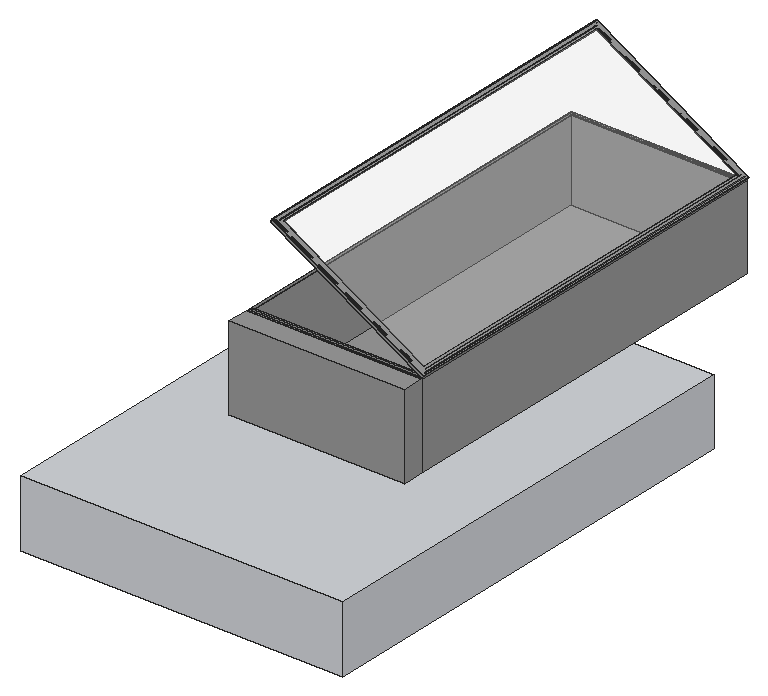
Revit family "Hager-Univers-IP55-D400-H1950-Cl.I-Steel_encl-NoHosted-AT-de", category Equipement électrique, Revit 2020
Family settings
  Hôte = Face
  Configuration du panneau = Deux colonnes, circuits au sein
  Cote de connecteur circulaire = Utiliser le diamètre
  Type d'élément = Tableau de raccordement
  Couper avec des vides une fois chargée = Non
  Partagée = Non
  Point de calcul de pièce = Non
Parameters (values of type "Bodenaufstellung IP55 B800 H1950 T400  - FR23V1")
  Width Control [instance] = if([EF000008 - Breite] > Min Width, [EF000008 - Breite], Min Width)  # 800 mm
  Commentaires du type = [HG000003 - Bereich]  # "Univers"
  Thickness Door [instance] = if([EF009171 - Materialstärke Tür/Deckel] > 3 mm, 3 mm, [EF009171 - Materialstärke Tür/Deckel])  # 1.5 mm
  Seal Frame Offset [instance] = 17 mm  # constant formula
  Plinth Visibility [instance] = [HG000027 - Sockelhöhe] > 0 mm  # yes
  Model = ""
  Min Width [instance] = 100 mm  # constant formula
  Min Height [instance] = 100 mm  # constant formula
  Min Depth [instance] = (2 * [EF009170 - Materialstärke Gehäuse]) + 1 mm  # 4 mm
  Internal Frame Depth [instance] = (Door System Depth * 0.5)  # 9 mm
  Height Control [instance] = if([EF000040 - Höhe] > Min Height, [EF000040 - Höhe], Min Height)  # 1950 mm
  HG000027 - Sockelhöhe = 100 mm
  HG000026 - Stehend auf dem Boden = yes
  HG000024 - Höhe des unteren Teils = 800 mm
  HG000023 - Gehäuse mit doppeltem Querschnitt = no
  HG000016 - 3D-Türsichtbarkeit [instance] = yes
  HG000015 - Sichtbarkeit der Türöffnung [instance] = no
  HG000014 - Tür rechts [instance] = yes
  HG000013 - Tür links [instance] = not([HG000014 - Tür rechts])  # no
  HG000012 - Türschwenkwinkel [instance] = 30.00°
  HG000010 - Asymmetrische Türen = no
  HG000009 - Doppelflügeligen Tür = no
  HG000006 - Unterputz = no
  HG000004 - Herstellerreferenz = "FR23V1"
  HG000003 - Bereich = "Univers"
  HG000002 - Mit tür = yes
  Frame Offset Bottom [instance] = 10 mm  # constant formula
  Frame Offset [instance] = 15 mm  # constant formula
  EF015940 - Deckel mit Überdruckentlastung = no
  EF011959 - Schutzart (NEMA) = ""
  EF009554 - Anzahl der Öffnungen für Flanschplatten = 6
  Fabricant = "Hager"  # constant formula
  EF009212 - Ausführung Deckel = "EV000116 - geschlossen"
  EF009171 - Materialstärke Tür/Deckel = 1.5 mm
  EF009170 - Materialstärke Gehäuse = 1.5 mm
  EF008873 - Nennstrom (In) = 800 A
  EF007800 - Geeignet für Blitzschutz = no
  EF006306 - Mit Schloss = no
  EF006244 - Transparenter Deckel/Tür = yes
  EF005474 - Schutzart (IP) = "EV006420 - IP55"
  EF004464 - Art der Tür = "EV002646 - Einzel"
  EF004427 - Anzahl der Module = 432
  EF004293 - Schlagfestigkeit = "EV008784 - IK10"
  EF003532 - Geeignet für Außengebrauch = no
  EF002950 - Breite in Teilungseinheiten = 24
  EF001613 - Funktionserhalt = "EV000494 - ohne"
  EF001596 - Werkstoff des Gehäuses = "EV000179 - Stahl"
  EF001131 - Innentiefe = 400 mm
  EF001088 - Anbaumöglichkeit = yes
  EF000437 - Anzahl der Leitungseinführungen = 6
  EF000339 - Art der Abdeckung = "EV004216 - Tür"
  EF000266 - Anzahl der Reihen = 12
  EF000218 - Einbautiefe = 0 mm
  EF000118 - Mit Montageplatte = no
  EF000116 - RAL-Nummer = "7035"
  EF000049 - Tiefe = 400 mm
  EF000040 - Höhe = 1950 mm
  EF000008 - Breite = 800 mm
  EF000007 - Farbe = "EV000270 - grau"
  EF000003 - Montageart = "EV012274 - Bodenaufstellung"
  Door System Leaf Tolerance [instance] = 1.5 mm  # constant formula
  Door System Depth [instance] = 18 mm  # constant formula
  Door Height [instance] = Height Control - [HG000027 - Sockelhöhe]  # 1850 mm
  Depth Control [instance] = if([EF000049 - Tiefe] > Min Depth, [EF000049 - Tiefe], Min Depth)  # 400 mm
  Default Elevation = 0 mm
  Connector Offset [instance] = Height Control / 2  # 975 mm
  Bottom Top Plate Trim [instance] = 1.5 mm  # constant formula
  Plinth height Ctrl [instance] = if([HG000027 - Sockelhöhe] > 0 mm, [HG000027 - Sockelhöhe], 12 mm)  # 100 mm
Types (11, lengths in mm): name | Width Control | HG000010 - Asymmetrische Türen | HG000009 - Doppelflügeligen Tür | HG000004 - Herstellerreferenz | EF009554 - Anzahl der Öffnungen für Flanschplatten | EF006244 - Transparenter Deckel/Tür | EF004464 - Art der Tür | EF004427 - Anzahl der Module | EF000437 - Anzahl der Leitungseinführungen | EF000008 - Breite
  Bodenaufstellung IP55 B1050 H1950 T400  - FR24G1 | 1050 | yes | yes | "FR24G1" | 8 | no | "EV003602 - Doppel" | 576 | 8 | 1050
  Bodenaufstellung IP55 B1050 H1950 T400  - FR24V1 | 1050 | yes | yes | "FR24V1" | 8 | yes | "EV003602 - Doppel" | 576 | 8 | 1050
  Bodenaufstellung IP55 B1300 H1950 T400  - FR25G1 | 1300 | yes | yes | "FR25G1" | 10 | no | "EV003602 - Doppel" | 720 | 10 | 1300
  Bodenaufstellung IP55 B1300 H1950 T400  - FR25V1 | 1300 | yes | yes | "FR25V1" | 10 | yes | "EV003602 - Doppel" | 720 | 10 | 1300
  Bodenaufstellung IP55 B1550 H1950 T400  - FR26G1 | 1550 | yes | yes | "FR26G1" | 12 | no | "EV003602 - Doppel" | 864 | 12 | 1550
  Bodenaufstellung IP55 B1550 H1950 T400  - FR26V1 | 1550 | yes | yes | "FR26V1" | 12 | yes | "EV003602 - Doppel" | 864 | 12 | 1550
  Bodenaufstellung IP55 B300 H1950 T400  - FR21G1 | 300 | no | no | "FR21G1" | 2 | no | "EV002646 - Einzel" | 144 | 2 | 300
  Bodenaufstellung IP55 B550 H1950 T400  - FR22G1 | 550 | no | no | "FR22G1" | 4 | no | "EV002646 - Einzel" | 288 | 4 | 550
  Bodenaufstellung IP55 B550 H1950 T400  - FR22V1 | 550 | no | no | "FR22V1" | 4 | yes | "EV002646 - Einzel" | 288 | 4 | 550
  Bodenaufstellung IP55 B800 H1950 T400  - FR23G1 | 800 | no | no | "FR23G1" | 6 | no | "EV002646 - Einzel" | 432 | 6 | 800
  Bodenaufstellung IP55 B800 H1950 T400  - FR23V1 | 800 | no | no | "FR23V1" | 6 | yes | "EV002646 - Einzel" | 432 | 6 | 800
Reference planes
  plane 1 "Center (Front/Back)": y = 0
  plane 2: z = 0
  plane 3 "Center (Left/Right)": x = 0
  plane 4: z = 400
  plane 5: y = 101.5
  plane 6: y = 1025
  plane 7: y = 100
  plane 8: y = 1950
  plane 9: z = 0
  plane 10: x = -385
  plane 11: x = 385
  plane 12: x = 383.5
  plane 13: x = -383.5
  plane 14: y = 1948.5
  plane 15: x = -383
  plane 16: x = -400
  plane 17: x = 383
  plane 18: x = 400
  plane 19: x = 398.5
  plane 20: x = -398.5
  plane 21: y = 111.5
  plane 22: y = 1950
  plane 23: y = 1933.5
  plane 24: z = 382
  plane 25: z = 1.5
  plane 26: z = 380.5
  plane 27: z = 398.5
Forms (mm)
  Extrusion 1, solid
    sketch origin (0, 0, 0) x (1, 0, 0) y (0, 1, 0)
      loop
        line (-702.964, 1305) -> (-702.964, -811.445) -> (766.763, -811.445) -> (766.763, 1305) -> (-702.964, 1305)
    from 0 to -304.8
  Extrusion 2, solid, material "Hager_Steel_RAL7035_Light_Grey", visible <- "Plinth Visibility", detail levels medium+fine
    sketch origin (0, 0, 0) x (1, 0, 0) y (0, 1, 0)
      loop
        line (-400, 0) -> (400, 0) -> (400, 100) -> (-400, 100) -> (-400, 0)
    from 0 to 382
  Extrusion 3, solid, material "Hager_Steel_RAL7035_Light_Grey", detail levels medium+fine
    sketch origin (0, 0, 0) x (1, 0, 0) y (0, 1, 0)
      loop
        line (-400, 100) -> (400, 100) -> (400, 1950) -> (-400, 1950) -> (-400, 100)
    from 0 to 382
  Extrusion 4, void
    sketch origin (0, 0, 0) x (1, 0, 0) y (0, 1, 0)
      loop
        line (-398.5, 101.5) -> (398.5, 101.5) -> (398.5, 1948.5) -> (-398.5, 1948.5) -> (-398.5, 101.5)
    from 1.5 to 380.5
  Extrusion 5, void
    sketch origin (-381.607, -4572, 382) x (0, -1, 0) y (-1, 0, 0)
      loop
        line (-4683.5, 1.893) -> (-6505.5, 1.893) -> (-6505.5, -765.107) -> (-4683.5, -765.107) -> (-4683.5, 1.893)
    from 0 to 1.5 <- "EF009170 - Materialstärke Gehäuse"
  Extrusion 6, solid, material "Hager_Steel_RAL7035_Light_Grey", detail levels fine
    sketch origin (0, 0, 382) x (1, 0, 0) y (0, 1, 0)
      loop
        line (-383.5, 1933.5) -> (-383.5, 111.5) -> (383.5, 111.5) -> (383.5, 1933.5) -> (-383.5, 1933.5)
      loop
        line (-385, 110) -> (385, 110) -> (385, 1935) -> (-385, 1935) -> (-385, 110)
    from 0 to 9 <- "Internal Frame Depth"
  Extrusion 7, solid, material "Hager_Steel_RAL7035_Light_Grey", detail levels coarse
    sketch origin (0, 0, 0) x (1, 0, 0) y (0, 1, 0)
      loop
        line (-400, 0) -> (400, 0) -> (400, 1950) -> (-400, 1950) -> (-400, 0)
    from 0 to 400
  Sweep 8, void
    path in 3D
      loop
        line (-400, 100, 0) -> (400, 100, 0) -> (400, 100, 382) -> (-400, 100, 382) -> (-400, 100, 0)
    profile origin (-400, 100, 191) x (-1, 0, 0) y (0, -1, 0)
      loop
        line (0, 0) -> (0, 1.5) -> (-1.5, 1.5)
        arc (-1.5, 1.5) -> (-1.061, 0.439) -> (0, 0) r 1.5
Cuts and joins
  Extrusion 4, Extrusion 5 cuts Extrusion 3
  Sweep 8 cuts Extrusion 2
Lines and regions (mm)
  Masking region 1
    outline origin (0, 0, 0) x (1, 0, 0) y (0, 0, 1)
      loop
        line (-400, 400) -> (-400, 0) -> (400, 0) -> (400, 400) -> (-400, 400)
  Masking region 2, detail levels medium+fine
    outline origin (0, 140, 0) x (0, 1, 0) y (0, 0, 1)
      loop
        line (-40, 0) -> (1810, 0) -> (1810, 382) -> (-40, 382) -> (-40, 0)
  Masking region 3, not visible, detail levels medium+fine
    outline origin (0, 297.922, 0) x (0, 1, 0) y (0, 0, 1)
      loop
        line (738.578, 0) -> (778.578, 0) -> (778.578, 388.5)
        arc (778.578, 388.5) -> (775.649, 395.571) -> (768.578, 398.5) r 10
        line (768.578, 398.5) -> (738.578, 398.5) -> (738.578, 0)
  Masking region 4, detail levels coarse
    outline origin (0, 0, 180) x (0, 1, 0) y (0, 0, 1)
      loop
        line (0, -180) -> (1950, -180) -> (1950, 220) -> (0, 220) -> (0, -180)
  Masking region 5, visible <- "Plinth Visibility", detail levels medium+fine
    outline origin (0, 52.24, 12.345) x (0, 0, -1) y (0, 1, 0)
      loop
        line (10.845, 47.76) -> (-368.155, 47.76)
        arc (-368.155, 47.76) -> (-368.594, 46.699) -> (-369.655, 46.26) r 1.5
        line (-369.655, 46.26) -> (-369.655, -52.24) -> (12.345, -52.24) -> (12.345, 46.26)
        arc (12.345, 46.26) -> (11.285, 46.699) -> (10.845, 47.76) r 1.5
  Masking region 6, detail levels medium+fine
    outline origin (-381.607, -4572, 382) x (-1, 0, 0) y (0, -1, 0)
      loop
        line (18.393, -6522) -> (18.393, -4672) -> (-781.607, -4672) -> (-781.607, -6522) -> (18.393, -6522)
  Masking region 7, visible <- "Plinth Visibility", detail levels medium+fine
    outline origin (-381.607, -4727, 382) x (-1, 0, 0) y (0, -1, 0)
      loop
        arc (16.893, -4827) -> (17.332, -4825.939) -> (18.393, -4825.5) r 1.5
        line (18.393, -4825.5) -> (18.393, -4727) -> (-781.607, -4727) -> (-781.607, -4825.5)
        arc (-781.607, -4825.5) -> (-780.546, -4825.939) -> (-780.107, -4827) r 1.5
        line (-780.107, -4827) -> (16.893, -4827)
  Masking region 8, detail levels coarse
    outline origin (-442.548, -4669.526, 382) x (-1, 0, 0) y (0, -1, 0)
      loop
        line (-42.548, -6619.526) -> (-42.548, -4669.526) -> (-842.548, -4669.526) -> (-842.548, -6619.526) -> (-42.548, -6619.526)
  sketch lines
    curve 1: line (-400, 100, 382) -> (-400, 100, 0)
    curve 2: line (400, 100, 382) -> (-400, 100, 382)
    curve 3: line (400, 100, 382) -> (400, 100, 0)
    curve 4: line (-400, 100, 0) -> (400, 100, 0)
Dimensions and locks
  "Depth Control": plane 4 to Extrusion 1
  "HG000027 - Sockelhöhe": plane 1 "Center (Front/Back)" to plane 7
  "EF009170 - Materialstärke Gehäuse": plane 5 to plane 7
  locked: connector elem to plane 3 "Center (Left/Right)"
  equal spacing: plane 8, plane 6, plane 7
  locked: connector elem to plane 6
  "EF009170 - Materialstärke Gehäuse": plane 8 to plane 14
  "EF009170 - Materialstärke Gehäuse": plane 10 to plane 13
  "EF009170 - Materialstärke Gehäuse": plane 12 to plane 11
  "Frame Offset": plane 20 to plane 13
  "Frame Offset": plane 12 to plane 19
  "EF009170 - Materialstärke Gehäuse": plane 16 to plane 20
  "EF009170 - Materialstärke Gehäuse": plane 19 to plane 18
  "Seal Frame Offset": plane 16 to plane 15
  "Seal Frame Offset": plane 17 to plane 18
  "Frame Offset Bottom": plane 21 to plane 5
  "Frame Offset": plane 14 to plane 23
  equal spacing: plane 16, plane 3 "Center (Left/Right)", plane 18
  "Width Control": plane 16 to plane 18
  "EF009170 - Materialstärke Gehäuse": plane 4 to plane 27
  "EF009170 - Materialstärke Gehäuse": plane 24 to plane 26
  "EF009170 - Materialstärke Gehäuse": plane 25 to level
  "Door System Depth": plane 4 to plane 24
  "Height Control": plane 1 "Center (Front/Back)" to Extrusion 7 sketch curve
  "Height Control": Masking region 4 sketch curve to plane 1 "Center (Front/Back)"
  "Height Control": plane 1 "Center (Front/Back)" to plane 22
  "Bottom Top Plate Trim": profile plane to Sweep 8 sketch curve
  "Bottom Top Plate Trim": Sweep 8 sketch curve to profile plane
  "Plinth height Ctrl": plane 1 "Center (Front/Back)" to Extrusion 2 sketch curve
  "Plinth height Ctrl": Masking region 5 sketch curve to plane 1 "Center (Front/Back)"
  "Plinth height Ctrl": plane 1 "Center (Front/Back)" to Masking region 7 sketch curve
  "Thickness Door": Extrusion 6 sketch curve to Extrusion 6 sketch curve  (x3)
  "Thickness Door": cut or joined group of Extrusion 3, Extrusion 4, Extrusion 5 to Extrusion 6 sketch curve
  radius of Masking region 3 sketch curve = 10 mm
  "Bottom Top Plate Trim": radius of Masking region 5 sketch curve  (x2)
  "Bottom Top Plate Trim": radius of Sweep 8 sketch curve
  "Bottom Top Plate Trim": radius of Masking region 7 sketch curve  (x2)
  aligned and locked: plane 2 to Extrusion 1
  aligned and locked: level to Extrusion 1
  aligned and locked: level to Masking region 1 sketch curve
  aligned and locked: Masking region 1 sketch curve to plane 18
  aligned and locked: Masking region 1 sketch curve to plane 16
  aligned and locked: plane 7 to Masking region 2 sketch curve
  aligned and locked: level to Masking region 3 sketch curve
  aligned and locked: Masking region 3 sketch curve to plane 27
  aligned and locked: level to Masking region 2 sketch curve
  aligned and locked: plane 1 "Center (Front/Back)" to Extrusion 2 sketch curve
  aligned and locked: Extrusion 3 sketch curve to plane 7
  aligned and locked: plane 16 to Extrusion 3 sketch curve
  aligned and locked: plane 18 to Extrusion 3 sketch curve
  aligned and locked: plane 20 to Extrusion 4 sketch curve
  aligned and locked: plane 19 to Extrusion 4 sketch curve
  aligned and locked: Extrusion 4 sketch curve to plane 5
  aligned and locked: Extrusion 4 to plane 25
  aligned and locked: plane 26 to Extrusion 4
  aligned and locked: plane 24 to Extrusion 3
  aligned and locked: Extrusion 5 sketch curve to plane 21
  aligned and locked: Extrusion 5 sketch curve to plane 13
  aligned and locked: Extrusion 5 sketch curve to plane 12
  aligned and locked: plane 18 to Extrusion 7 sketch curve
  aligned and locked: plane 1 "Center (Front/Back)" to Extrusion 7 sketch curve
  aligned and locked: plane 16 to Extrusion 7 sketch curve
  aligned and locked: plane 4 to Extrusion 7
  aligned and locked: Extrusion 7 to level
  aligned and locked: level to Masking region 4 sketch curve
  aligned and locked: Masking region 4 sketch curve to plane 1 "Center (Front/Back)"
  aligned and locked: Masking region 4 sketch curve to plane 4
  aligned and locked: nested 1 to level
  aligned and locked: nested 1 to plane 16
  aligned and locked: plane 8 to Extrusion 3 sketch curve
  aligned and locked: plane 23 to Extrusion 5 sketch curve
  aligned and locked: plane 14 to Extrusion 4 sketch curve
  aligned and locked: Masking region 2 sketch curve to plane 8
  aligned and locked: level to Masking region 5 sketch curve
  aligned and locked: plane 16 to Extrusion 2 sketch curve
  aligned and locked: plane 18 to Extrusion 2 sketch curve
  aligned and locked: Masking region 5 sketch curve to plane 24
  aligned and locked: Masking region 2 sketch curve to plane 24
  aligned and locked: plane 24 to Extrusion 2
  aligned and locked: profile plane to Sweep 8 sketch curve  (x2)
  aligned and locked: Masking region 6 sketch curve to plane 18
  aligned and locked: Masking region 6 sketch curve to plane 22
  aligned and locked: Masking region 6 sketch curve to plane 16
  aligned and locked: plane 8 to plane 22
  aligned and locked: Masking region 6 sketch curve to plane 7
  aligned and locked: Masking region 7 sketch curve to plane 16
  aligned and locked: Masking region 7 sketch curve to plane 1 "Center (Front/Back)"
  aligned and locked: Masking region 7 sketch curve to plane 18
  aligned and locked: Masking region 8 sketch curve to plane 1 "Center (Front/Back)"
  aligned and locked: Masking region 8 sketch curve to plane 18
  aligned and locked: Masking region 8 sketch curve to plane 22
  aligned and locked: Masking region 8 sketch curve to plane 16
  aligned and locked: nested 2 to plane 7
  aligned and locked: plane 3 "Center (Left/Right)" to nested 2
  aligned and locked: nested 2 to plane 24
  aligned and locked: Extrusion 6 sketch curve to cut or joined group of Extrusion 3, Extrusion 4, Extrusion 5  (x4)
Automatic sketch dimensions
  Extrusion 1 sketch curve to Extrusion 1 sketch curve = 1469.727 mm
  Extrusion 1 sketch curve to Extrusion 1 sketch curve = 2116.445 mm
  Masking region 1 sketch curve to plane 4 = 0 mm
  plane 6 to Masking region 3 sketch curve = 11.5 mm
  Masking region 3 sketch curve to Masking region 3 sketch curve = 30 mm
  Masking region 5 sketch curve to plane 1 "Center (Front/Back)" = 0 mm
Nested families
  nested 1: "Hager_Enclosure_Symbol" at (-400, 0, 0) x (1, 0, 0) z (0, -1, 0), Height <- "Depth Control", Width <- "Width Control", type "Hager_Enclosure_Symbol"
    with Width_Ctrl 800 mm, Width 800 mm, Height_Ctrl 400 mm, Height 400 mm, A_Width_Int 26.25 mm, A_Width 315 mm, A_Height_Ctrl 350 mm, A_Height 350 mm
  nested 2: "EC000058_Univers_Door" at (0, 100, 382) x (1, 0, 0) z (0, 1, 0), Leaf_Tolerance <- "Door System Leaf Tolerance", Angle <- "HG000012 - Türschwenkwinkel", Door_Depth <- "Door System Depth", Door_Left <- "HG000013 - Tür links", Transparent <- "EF006244 - Transparenter Deckel/Tür", Assymetrical <- "HG000010 - Asymmetrische Türen", Width <- "Width Control", Clearance <- "HG000015 - Sichtbarkeit der Türöffnung", Double <- "HG000009 - Doppelflügeligen Tür", 3d_Door <- "HG000016 - 3D-Türsichtbarkeit", Lock_Visibility <- "EF006306 - Mit Schloss", Width_Ctrl <- "Width Control", Door_Right <- "HG000014 - Tür rechts", Door <- "HG000002 - Mit tür", Height <- "Door Height", Thickness <- "Thickness Door", type "EC000058_Univers_Door", detail levels medium+fine
    with min_wh 4 mm, Width_Ctrl 800 mm, Width 800 mm, Transparent yes, Thickness 1.5 mm, Seal_Material Hager_Rubber, Lock_Visibility no, Lock_Material Hager_Plastic_RAL9005_Jet_Black, Leaf_Width 800 mm, Leaf_Tolerance_External_Sides 0 mm, Leaf_Tolerance 1.5 mm, Leaf_Offset 0 mm, Leaf_Height 1847 mm, Leaf_2_Width 800 mm, Leaf_2_Offset 400 mm, Leaf_1_Width 800 mm, Leaf_1_Offset 400 mm, Height_Ctrl 1850 mm, Height 1850 mm, Glass_Material Hager_Glass, Double_Clearance_Ctrl no, Double no, Door_Right_Ctrl yes, Door_Right yes, Door_Material Hager_Steel_RAL7035_Light_Grey, Door_Left_Ctrl no, Door_Left no, Door_Depth 18 mm, Door yes, Clearance_Material Hager_Clearance, Clearance_Depth 800 mm, Clearance_Ctrl no, Clearance no, Assymetrical no, Angle 30.00°, 3d_Door yes
Connectors
  electrical at (0, 1025, 0)
    settings: on plane 9, index 1, voltage 0 V, apparent load 0 VA, apparent load phase1 0 VA, apparent load phase2 0 VA, apparent load phase3 0 VA, power factor 1, load classification "Other", number of poles 1, system type 30, power factor state 1, is connector primary yes, connector utility no, sub classification motor no, connector description ""
Definition of nested family "EC000058_Univers_Door"
  Parameters (values of type "EC000058_Univers_Door")
    min_wh [instance] = (2 * Thickness) + 1 mm  # 11 mm
    Width_Ctrl [instance] = 400 mm
    Width [instance] = 500 mm
    Transparent [instance] = yes
    Thickness [instance] = 5 mm
    Seal_Material [instance] = none
    Lock_Visibility [instance] = yes
    Lock_Material [instance] = none
    Leaf_Width [instance] = if((Width_Ctrl - 2 * Leaf_Tolerance_External_Sides) > 0 mm, (Width_Ctrl - 2 * Leaf_Tolerance_External_Sides), min_wh)  # 400 mm
    Leaf_Tolerance_External_Sides [instance] = 0 mm  # constant formula
    Leaf_Tolerance [instance] = 1.5 mm
    Leaf_Offset [instance] = 0 mm  # constant formula
    Leaf_Height [instance] = if((Height_Ctrl - 2 * Leaf_Tolerance) > 0 mm, (Height_Ctrl - 2 * Leaf_Tolerance), min_wh)  # 497 mm
    Leaf_2_Width [instance] = if(and(and(Double, Assymetrical), Door_Left), (Leaf_Width / 3) - (Leaf_Tolerance / 2), if(and(and(Double, Assymetrical), Door_Right), (Leaf_Width / 3) * 2 - (Leaf_Tolerance / 2), if(and(Double, not(Assymetrical)), (Leaf_Width / 2) - Leaf_Tolerance, Leaf_Width)))  # 400 mm
    Leaf_2_Offset [instance] = if(and(Double, Assymetrical), Leaf_2_Width / 2, if(and(Double, not(Assymetrical)), Leaf_Width / 4, Leaf_Width / 2))  # 200 mm
    Leaf_1_Width [instance] = if(and(and(Double, Assymetrical), Door_Right), (Leaf_Width / 3) - (Leaf_Tolerance / 2), if(and(and(Double, Assymetrical), Door_Left), (Width / 3) * 2 - (Leaf_Tolerance / 2), if(and(Double, not(Assymetrical)), (Leaf_Width / 2) - Leaf_Tolerance, Leaf_Width)))  # 400 mm
    Leaf_1_Offset [instance] = if(and(Double, Assymetrical), Leaf_1_Width / 2, if(and(Double, not(Assymetrical)), Leaf_Width / 4, Leaf_Width / 2))  # 200 mm
    Height_Ctrl [instance] = if(Height > min_wh, Height, min_wh)  # 500 mm
    Height [instance] = 500 mm
    Glass_Material [instance] = none
    Double_Clearance_Ctrl [instance] = and(Double, Clearance)  # no
    Double [instance] = no
    Door_Right_Ctrl [instance] = and(or(Door_Right, Double), Door)  # yes
    Door_Right [instance] = yes
    Door_Material [instance] = none
    Door_Left_Ctrl [instance] = and(or(Door_Left, Double), Door)  # no
    Door_Left [instance] = no
    Door_Depth [instance] = 30 mm
    Door [instance] = yes
    Default Elevation = 1219.2 mm
    Clearance_Material [instance] = none
    Clearance_Depth [instance] = if(Leaf_1_Width > Leaf_2_Width, Leaf_1_Width, Leaf_2_Width)  # 400 mm
    Clearance_Ctrl [instance] = and(not(Double), Clearance)  # yes
    Clearance [instance] = yes
    Assymetrical [instance] = yes
    Angle [instance] = 30.00°
    3d_Door [instance] = yes
  Reference planes
    plane 1 "Center (Front/Back)": y = 0
    plane 2 "Bottom": z = 0
    plane 3 "Center (Left/Right)": x = 0
    plane 4: z = 500
    plane 5: x = -200
    plane 6: x = 200
    plane 7: z = 500
    plane 8: x = -200
    plane 9: z = 0
    plane 10: x = 200
    plane 11: y = 0
    plane 12: z = 1.5
    plane 13: x = -600
    plane 14: y = -400
    plane 15: x = 600
    plane 16: x = 0
    plane 17: x = 0
    plane 18: x = -200
    plane 19: x = 200
    plane 20: z = 498.5
  Forms (mm)
    Extrusion 1, solid, material <- "Clearance_Material", visible <- "Double_Clearance_Ctrl"
      sketch origin (1200, 0, 0) x (1, 0, 0) y (0, 0, -1)
        loop
          line (-1800, -498.5) -> (-600, -498.5) -> (-600, 0) -> (-1800, 0) -> (-1800, -498.5)
      from 0 to -400
  Dimensions and locks
    equal spacing: plane 5, plane 3 "Center (Left/Right)", plane 6
    "Width_Ctrl": plane 5 to plane 6
    "Leaf_Offset": plane 5 to plane 8
    "Leaf_Offset": plane 6 to plane 10
    "Leaf_Offset": plane 9 to level
    "Leaf_Offset": plane 4 to plane 7
    "Height_Ctrl": plane 4 to level
    "Leaf_Tolerance": plane 12 to plane 9
    locked: plane 11 to plane 1 "Center (Front/Back)"
    "Leaf_1_Offset": plane 18 to plane 16
    "Leaf_2_Offset": plane 17 to plane 19
    "Leaf_1_Width": plane 13 to plane 8
    "Leaf_2_Width": plane 10 to plane 15
    "Clearance_Depth": plane 14 to plane 1 "Center (Front/Back)"
    "Leaf_Tolerance_External_Sides": plane 8 to plane 18
    "Leaf_Tolerance_External_Sides": plane 19 to plane 10
    "Leaf_Tolerance": plane 7 to plane 20
    aligned and locked: level to plane 2 "Bottom"
    aligned and locked: nested 1 to plane 16
    aligned and locked: nested 2 to plane 17
    aligned and locked: Extrusion 1 to plane 13
    aligned and locked: plane 15 to Extrusion 1
    aligned and locked: Extrusion 1 to plane 14
    aligned and locked: plane 12 to nested 1
    aligned and locked: nested 2 to plane 12
    aligned and locked: Extrusion 1 to plane 11
    aligned and locked: plane 20 to Extrusion 1
    aligned and locked: nested 2 to plane 11
    aligned and locked: nested 1 to plane 11
  Automatic sketch dimensions
    Extrusion 1 sketch curve to level = 0 mm
    plane 5 to Extrusion 1 sketch curve = 400 mm
    plane 6 to Extrusion 1 sketch curve = 400 mm
    Extrusion 1 sketch curve to plane 4 = 1.5 mm
  Nested families
    nested 1: "EC000058_Univers_Door_Leaf" at (0, 0, 1.5), Width <- "Leaf_1_Width", visible <- "Door_Left_Ctrl", Leaf_Height <- "Leaf_Height", Angle <- "Angle", 3d_Door <- "3d_Door", Transparent <- "Transparent", Clearance Material <- "Clearance_Material", Clearance <- "Clearance_Ctrl", Door_Material <- "Door_Material", Glass_Material <- "Glass_Material", Door_Depth <- "Door_Depth", Lock_Material <- "Lock_Material", Seal_Material <- "Seal_Material", Lock_Visibility <- "Lock_Visibility", Thickness <- "Thickness", type "EC000058_Univers_Door_Leaf"
      with Width 400 mm, Transparent_Glass_Offset 30 mm, Transparent_Ctrl yes, Transparent yes, Thickness 5 mm, Standard no, Seal_Material none, Seal_D2 8 mm, Seal_D1 1 mm, Offset_Internal_Frame 10 mm, Lock_Width 20 mm, Lock_Visibility_3d yes, Lock_Visibility yes, Lock_Thickness_3 3 mm, Lock_Thickness_2 1 mm, Lock_Thickness_1 3 mm, Lock_Radius_Offset_2 16 mm, Lock_Radius_Offset_1 15 mm, Lock_Radius_2 5 mm, Lock_Radius 6 mm, Lock_Offset 5 mm, Lock_Material none, Lock_Height 80 mm, Lock_Cover_Top_Offset_2d 17 mm, Lock_Cover_Height -65 mm, Leaf_Height 497 mm, Internal_Seal_Thickness 8 mm, Internal_Seal_Depth_2 4.5 mm, Internal_Frame_Depth 25 mm, Glass_Thickness -1 mm, Glass_Offset -2 mm, Glass_Material none, Door_Material none, Door_Depth 30 mm, Clearance Material none, Clearance yes, Angle_Ctrl 30.00°, Angle 30.00°, 3d_Door yes
    nested 2: "EC000058_Univers_Door_Leaf" at (0, 0, 1.5) x (-1, 0, 0) z (0, 0, 1), Width <- "Leaf_2_Width", visible <- "Door_Right_Ctrl", Leaf_Height <- "Leaf_Height", Angle <- "Angle", 3d_Door <- "3d_Door", Transparent <- "Transparent", Clearance Material <- "Clearance_Material", Clearance <- "Clearance_Ctrl", Door_Material <- "Door_Material", Glass_Material <- "Glass_Material", Door_Depth <- "Door_Depth", Lock_Material <- "Lock_Material", Seal_Material <- "Seal_Material", Lock_Visibility <- "Lock_Visibility", Thickness <- "Thickness", type "EC000058_Univers_Door_Leaf"
      with Width 400 mm, Transparent_Glass_Offset 30 mm, Transparent_Ctrl yes, Transparent yes, Thickness 5 mm, Standard no, Seal_Material none, Seal_D2 8 mm, Seal_D1 1 mm, Offset_Internal_Frame 10 mm, Lock_Width 20 mm, Lock_Visibility_3d yes, Lock_Visibility yes, Lock_Thickness_3 3 mm, Lock_Thickness_2 1 mm, Lock_Thickness_1 3 mm, Lock_Radius_Offset_2 16 mm, Lock_Radius_Offset_1 15 mm, Lock_Radius_2 5 mm, Lock_Radius 6 mm, Lock_Offset 5 mm, Lock_Material none, Lock_Height 80 mm, Lock_Cover_Top_Offset_2d 17 mm, Lock_Cover_Height -65 mm, Leaf_Height 497 mm, Internal_Seal_Thickness 8 mm, Internal_Seal_Depth_2 4.5 mm, Internal_Frame_Depth 25 mm, Glass_Thickness -1 mm, Glass_Offset -2 mm, Glass_Material none, Door_Material none, Door_Depth 30 mm, Clearance Material none, Clearance yes, Angle_Ctrl 30.00°, Angle 30.00°, 3d_Door yes
  Definition of nested family "EC000058_Univers_Door_Leaf"
    Parameters (values of type "EC000058_Univers_Door_Leaf")
      Width [instance] = 2000 mm
      Transparent_Glass_Offset [instance] = 30 mm
      Transparent_Ctrl [instance] = and(Transparent, [3d_Door])  # yes
      Transparent [instance] = yes
      Thickness [instance] = 5 mm
      Standard [instance] = and(not(Transparent), [3d_Door])  # no
      Seal_Material [instance] = none
      Seal_D2 [instance] = 8 mm  # constant formula
      Seal_D1 [instance] = 1 mm  # constant formula
      Offset_Internal_Frame [instance] = 10 mm  # constant formula
      Lock_Width [instance] = 20 mm  # constant formula
      Lock_Visibility_3d [instance] = and(Lock_Visibility, [3d_Door])  # yes
      Lock_Visibility [instance] = yes
      Lock_Thickness_3 [instance] = 3 mm  # constant formula
      Lock_Thickness_2 [instance] = 1 mm  # constant formula
      Lock_Thickness_1 [instance] = 3 mm  # constant formula
      Lock_Radius_Offset_2 [instance] = Lock_Radius_Offset_1 + 1 mm  # 16 mm
      Lock_Radius_Offset_1 [instance] = 15 mm  # constant formula
      Lock_Radius_2 [instance] = Lock_Radius - 1 mm  # 5 mm
      Lock_Radius [instance] = 6 mm  # constant formula
      Lock_Offset [instance] = 5 mm  # constant formula
      Lock_Material [instance] = none
      Lock_Height [instance] = 80 mm  # constant formula
      Lock_Cover_Top_Offset_2d [instance] = Lock_Radius_Offset_2 + 1 mm  # 17 mm
      Lock_Cover_Height [instance] = -(Lock_Height - Lock_Radius_Offset_1)  # -65 mm
      Leaf_Height [instance] = 2720.336 mm
      Internal_Seal_Thickness [instance] = 8 mm  # constant formula
      Internal_Seal_Depth_2 [instance] = 4.5 mm  # constant formula
      Internal_Frame_Depth [instance] = if(Door_Depth - Thickness > 5 mm, Door_Depth - Thickness, 5 mm)  # 25 mm
      Glass_Thickness [instance] = if(Thickness > 15 mm, Glass_Offset + 10 mm, -1 mm)  # -1 mm
      Glass_Offset [instance] = if(Thickness > 15 mm, -(Thickness + 10 mm) / 2, -2 mm)  # -2 mm
      Glass_Material [instance] = none
      Door_Material [instance] = none
      Door_Depth [instance] = 30 mm
      Default Elevation = 0 mm
      Clearance Material [instance] = none
      Clearance [instance] = yes
      Angle_Ctrl [instance] = if(Angle > 180.00°, 180.00°, Angle)  # 90.00°
      Angle [instance] = 90.00°
      3d_Door [instance] = yes
    Reference planes
      plane 1 "Center (Front/Back)": y = 0
      plane 2: z = 0
      plane 3 "Center (Left/Right)": x = 0
      plane 4: y = 2000
      plane 5: x = -1000
      plane 6: x = 1000
      plane 7: x = -3000
      plane 8: z = 2720.336
      plane 9: z = 30
      plane 10: z = 2690.336
      plane 11: x = 970
      plane 12: x = -970
      plane 13: y = -3
      plane 14: z = 107.833
      plane 15: y = -5
      plane 16: y = -223.314
      plane 17: x = -1000
      plane 18: z = 1360.168
      plane 19: y = 30
    Forms (mm)
      Extrusion 1, solid, material <- "Clearance Material", visible <- "Clearance"
        sketch origin (0, 0, 0) x (1, 0, 0) y (0, 0, 1)
          loop
            line (-3000, 2720.336) -> (-3000, 0) -> (1000, 0) -> (1000, 2720.336) -> (-3000, 2720.336)
        from 0 to -2000
      Extrusion 2, solid, material <- "Door_Material", visible <- "Standard", detail levels medium+fine
        sketch origin (-1000, 0, 0) x (0, 1, 0) y (-1, 0, 0)
          loop
            line (0, 30) -> (0, 25) -> (2000, 25) -> (2000, 30) -> (0, 30)
        from 0 to 2720.336 <- "Leaf_Height"
      Extrusion 3, solid, material <- "Door_Material", visible <- "Transparent_Ctrl", detail levels medium+fine
        sketch origin (-1000, 0, 0) x (0, 1, 0) y (-1, 0, 0)
          loop
            line (0, 25) -> (2000, 25) -> (2000, 30) -> (0, 30) -> (0, 25)
        from 0 to 2720.336 <- "Leaf_Height"
      Extrusion 4, void
        sketch origin (-1025, 2000, 0) x (0, 1, 0) y (0, 0, -1)
          loop
            line (-30, -2690.336) -> (-30, -30) -> (-1970, -30) -> (-1970, -2690.336) -> (-30, -2690.336)
        from 0 to 5 <- "Thickness"
      Sweep 5, solid, material <- "Seal_Material", visible <- "Transparent_Ctrl", detail levels fine
        path in 3D
          loop
            line (-1025, 30, 30) -> (-1025, 30, 2690.336) -> (-1025, 1970, 2690.336) -> (-1025, 1970, 30) -> (-1025, 30, 30)
        profile origin (-1025, 1000, 30) x (1, 0, 0) y (0, 0, 1)
          loop
            line (0, 0) -> (0, -8) -> (1, -8) -> (1, 0) -> (0, 0)
      Extrusion 6, solid, material <- "Glass_Material", visible <- "Transparent_Ctrl", detail levels medium+fine
        sketch origin (-1030, 0, 0) x (0, 1, 0) y (0, 0, -1)
          loop
            line (1970, -2690.336) -> (1970, -30) -> (30, -30) -> (30, -2690.336) -> (1970, -2690.336)
        from -2 <- "Glass_Offset" to -1 <- "Glass_Thickness"
      Extrusion 7, solid, material <- "Door_Material", visible <- "3d_Door", detail levels medium+fine
        sketch origin (-1025, 2000, 0) x (0, -1, 0) y (0, 0, -1)
          loop
            line (0, -2720.336) -> (2000, -2720.336) -> (2000, 0) -> (0, 0) -> (0, -2720.336)
          loop
            line (1995, -5) -> (5, -5) -> (5, -2715.336) -> (1995, -2715.336) -> (1995, -5)
        from 0 to 25 <- "Internal_Frame_Depth"
      Sweep 8, solid, material <- "Seal_Material", visible <- "Transparent_Ctrl", detail levels fine
        path in 3D
          loop
            line (-1025, 0, 0) -> (-1025, 2000, 0) -> (-1025, 2000, 2720.336) -> (-1025, 0, 2720.336) -> (-1025, 0, 0)
        profile origin (-1025, 0, 1360.168) x (1, 0, 0) y (0, 1, 0)
          loop
            line (0, 10) -> (2.975, 10)
            arc (2.975, 10) -> (4.053, 10.447) -> (4.5, 11.525) r 1.525
            line (4.5, 11.525) -> (4.5, 16.527)
            arc (4.5, 16.527) -> (4.069, 17.569) -> (3.027, 18) r 1.473
            line (3.027, 18) -> (0, 18) -> (0, 10)
      Extrusion 9, solid, material <- "Lock_Material", visible <- "Lock_Visibility_3d", detail levels fine
        sketch origin (-1030, 0, 0) x (0, 1, 0) y (0, 0, -1)
          loop
            arc (1993.5, -1400.168) -> (1994.561, -1399.729) -> (1995, -1398.668) r 1.5
            line (1995, -1398.668) -> (1995, -1320.168) -> (1975, -1320.168) -> (1975, -1398.668)
            arc (1975, -1398.668) -> (1975.439, -1399.729) -> (1976.5, -1400.168) r 1.5
            line (1976.5, -1400.168) -> (1993.5, -1400.168)
        from 3 <- "Lock_Thickness_1" to 0
      Blend 10, solid, material <- "Lock_Material", visible <- "Lock_Visibility_3d", detail levels fine
        base sketch origin (-1033, 0, 0) x (0, 1, 0) y (0, 0, -1)
          loop
            line (1975, -1320.168) -> (1975, -1398.668)
            arc (1975, -1398.668) -> (1975.439, -1399.729) -> (1976.5, -1400.168) r 1.5
            line (1976.5, -1400.168) -> (1993.5, -1400.168)
            arc (1993.5, -1400.168) -> (1994.561, -1399.729) -> (1995, -1398.668) r 1.5
            line (1995, -1398.668) -> (1995, -1320.168) -> (1975, -1320.168)
        top sketch origin (-1033, 0, 0) x (0, 1, 0) y (0, 0, -1)
          loop
            line (1976, -1320.168) -> (1976, -1398.668)
            arc (1976, -1398.668) -> (1976.146, -1399.022) -> (1976.5, -1399.168) r 0.5
            line (1976.5, -1399.168) -> (1993.5, -1399.168)
            arc (1993.5, -1399.168) -> (1993.854, -1399.022) -> (1994, -1398.668) r 0.5
            line (1994, -1398.668) -> (1994, -1320.168) -> (1976, -1320.168)
        from 0 to 1 <- "Lock_Thickness_2"
      Blend 11, solid, material <- "Lock_Material", visible <- "Lock_Visibility_3d", detail levels fine
        base sketch origin (-1034, 0, 0) x (0, 1, 0) y (0, 0, -1)
          loop
            line (1978, -1320.168) -> (1978, -1384.168)
            arc (1978, -1384.168) -> (1985, -1391.168) -> (1992, -1384.168) r 7
            line (1992, -1384.168) -> (1992, -1320.168) -> (1978, -1320.168)
        top sketch origin (-1034, 0, 0) x (0, 1, 0) y (0, 0, -1)
          loop
            line (1991, -1320.168) -> (1979, -1320.168) -> (1979, -1383.168)
            arc (1979, -1383.168) -> (1985, -1389.168) -> (1991, -1383.168) r 6
            line (1991, -1383.168) -> (1991, -1320.168)
        from 0 to 3 <- "Lock_Thickness_3"
      Extrusion 12, solid, material <- "Lock_Material", visible <- "Lock_Visibility_3d", detail levels fine
        sketch origin (-1030, 1975, 1320.168) x (1, 0, 0) y (0, -1, 0)
          loop
            line (-7, -19) -> (-7, -1) -> (0, -1) -> (0, 0) -> (-8, 0) -> (-8, -20) -> (0, -20) -> (0, -19) -> (-7, -19)
        from 0 to -65 <- "Lock_Cover_Height"
      Extrusion 13, void
        sketch origin (-1038, 1995, 1320.168) x (-1, 0, 0) y (0, 0, -1)
          loop
            line (-5, -65) -> (0, -65) -> (-5, -60) -> (-5, -65)
        from 0 to 20 <- "Lock_Width"
      Extrusion 14, void
        sketch origin (-1038, 1975, 1320.168) x (0, -1, 0) y (0, 0, -1)
          loop
            circle (-10, -15.995) r 6
          loop
            circle (-10, -15.995) r 5
        from 0 to 2
      Extrusion 15, solid, material <- "Lock_Material", visible <- "Lock_Visibility_3d", detail levels medium
        sketch origin (-1030, 0, 0) x (0, 1, 0) y (0, 0, -1)
          loop
            arc (1993.5, -1400.168) -> (1994.561, -1399.729) -> (1995, -1398.668) r 1.5
            line (1995, -1398.668) -> (1995, -1320.168) -> (1975, -1320.168) -> (1975, -1398.668)
            arc (1975, -1398.668) -> (1975.439, -1399.729) -> (1976.5, -1400.168) r 1.5
            line (1976.5, -1400.168) -> (1993.5, -1400.168)
        from 8 to 0
    Cuts and joins
      Extrusion 4 cuts Extrusion 3
      Extrusion 13, Extrusion 14 cuts Extrusion 9
      Extrusion 14 cuts Blend 11
      Extrusion 13, Extrusion 14 cuts Extrusion 12
      joined: Extrusion 9, Blend 10, Blend 11, Extrusion 12
      Extrusion 14 cuts Extrusion 15
    Lines and regions (mm)
      Masking region 1, visible <- "Lock_Visibility", detail levels fine
        outline origin (0, 0, 0) x (0, 1, 0) y (0, 0, 1)
          loop
            line (30, 1320.168) -> (33, 1320.168) -> (33, 1400.168) -> (30, 1400.168) -> (30, 1320.168)
      Masking region 2, visible <- "Lock_Visibility", detail levels fine
        outline origin (0, 3.143, 0) x (0, 1, 0) y (0, 0, 1)
          loop
            line (29.857, 1354.168) -> (30.857, 1354.168) -> (30.857, 1366.168) -> (29.857, 1366.168) -> (29.857, 1354.168)
      Masking region 3, detail levels medium+fine
        outline origin (0, 0, 0) x (0, 1, 0) y (0, 0, 1)
          loop
            line (0, 0) -> (30, 0) -> (30, 2720.336) -> (0, 2720.336) -> (0, 0)
      Masking region 4, detail levels medium+fine
        outline origin (0, 0, 0) x (1, 0, 0) y (0, 0, 1)
          loop
            line (-1000, 2720.336) -> (-1000, 0) -> (1000, 0) -> (1000, 2720.336) -> (-1000, 2720.336)
      Masking region 5, visible <- "Lock_Visibility", detail levels fine
        outline origin (-47.116, 0, 0) x (1, 0, 0) y (0, 0, 1)
          loop
            arc (1024.616, 1399.168) -> (1023.556, 1398.729) -> (1023.116, 1397.668) r 1.5
            line (1023.116, 1397.668) -> (1023.116, 1320.168) -> (1041.116, 1320.168) -> (1041.116, 1397.668)
            arc (1041.116, 1397.668) -> (1040.677, 1398.729) -> (1039.616, 1399.168) r 1.5
            line (1039.616, 1399.168) -> (1024.616, 1399.168)
      Masking region 6, visible <- "Lock_Visibility", detail levels medium+fine
        outline origin (-25, 0, 0) x (1, 0, 0) y (0, 0, 1)
          loop
            arc (1001.5, 1400.168) -> (1000.439, 1399.729) -> (1000, 1398.668) r 1.5
            line (1000, 1398.668) -> (1000, 1320.168) -> (1020, 1320.168) -> (1020, 1398.668)
            arc (1020, 1398.668) -> (1019.561, 1399.729) -> (1018.5, 1400.168) r 1.5
            line (1018.5, 1400.168) -> (1001.5, 1400.168)
      Masking region 7, visible <- "Lock_Visibility", detail levels fine
        outline origin (-73.735, 0, 0) x (1, 0, 0) y (0, 0, 1)
          loop
            line (1051.735, 1382.168) -> (1065.735, 1382.168) -> (1065.735, 1384.168)
            arc (1065.735, 1384.168) -> (1058.735, 1391.168) -> (1051.735, 1384.168) r 7
            line (1051.735, 1384.168) -> (1051.735, 1382.168)
      Masking region 8, visible <- "Lock_Visibility", detail levels fine
        outline origin (-73.735, 0, 0) x (1, 0, 0) y (0, 0, 1)
          loop
            line (1052.735, 1382.168) -> (1064.735, 1382.168) -> (1064.735, 1383.168)
            arc (1064.735, 1383.168) -> (1058.735, 1389.168) -> (1052.735, 1383.168) r 6
            line (1052.735, 1383.168) -> (1052.735, 1382.168)
      Masking region 9, visible <- "Lock_Visibility", detail levels fine
        outline origin (-25, 0, 0) x (1, 0, 0) y (0, 0, 1)
          loop
            line (1020, 1320.168) -> (1020, 1382.168) -> (1000, 1382.168) -> (1000, 1320.168) -> (1020, 1320.168)
      Masking region 10, detail levels medium+fine
        outline origin (0, 0, 0) x (1, 0, 0) y (0, 0, 1)
          loop
            circle (985, 1335.144) r 6
      Masking region 11, detail levels fine
        outline origin (0, 0, 0) x (1, 0, 0) y (0, 0, 1)
          loop
            circle (985, 1335.144) r 5
      Masking region 12, visible <- "Lock_Visibility", detail levels fine
        outline origin (0, 12.767, 0) x (0, 1, 0) y (0, 0, 1)
          loop
            line (20.233, 1320.168) -> (21.233, 1320.168) -> (21.233, 1399.168) -> (20.233, 1400.168) -> (20.233, 1320.168)
      Masking region 13, visible <- "Lock_Visibility", detail levels fine
        outline origin (0, 13.767, -10) x (0, 1, 0) y (0, 0, 1)
          loop
            line (20.233, 1330.168) -> (23.233, 1330.168) -> (23.233, 1399.168) -> (20.233, 1402.168) -> (20.233, 1330.168)
      Masking region 14, visible <- "Lock_Visibility", detail levels fine
        outline origin (0, 12.767, -10) x (0, 1, 0) y (0, 0, 1)
          loop
            line (20.233, 1330.168) -> (25.233, 1330.168) -> (25.233, 1399.305) -> (20.233, 1394.305) -> (20.233, 1330.168)
      Masking region 15, visible <- "Lock_Visibility", detail levels medium
        outline origin (0, 0, 0) x (0, 1, 0) y (0, 0, 1)
          loop
            line (30, 1320.168) -> (38, 1320.168) -> (38, 1400.168) -> (30, 1400.168) -> (30, 1320.168)
      Masking region 16, visible <- "Lock_Visibility", detail levels fine
        outline origin (-1000, 0, 0) x (0, 1, 0) y (-1, 0, 0)
          loop
            line (1975, 30) -> (1995, 30) -> (1995, 38) -> (1975, 38) -> (1975, 30)
          loop
            line (1979, 37) -> (1976, 37) -> (1976, 34) -> (1978, 34) -> (1979, 37)
          loop
            line (1994, 37) -> (1991, 37) -> (1992, 34) -> (1994, 34) -> (1994, 37)
      Masking region 17, visible <- "Lock_Visibility", detail levels medium
        outline origin (-1000, 0, 0) x (0, 1, 0) y (-1, 0, 0)
          loop
            line (1975, 30) -> (1995, 30) -> (1995, 38) -> (1975, 38) -> (1975, 30)
      symbolic lines
        curve 1: line (1000, 0, 0) -> (-3000, 0, 0)
        curve 2: arc (1000, 0, 0) -> (-1000, 2000, 0) -> (-3000, 0, 0) r 2000
        curve 4: line (-1030, 0, 0) -> (-1030, 2000, 0)
      reference lines
        curve 3: line (-1000, 0, 0) -> (-1000, 2000, 0)
      symbolic lines, detail levels medium+fine
        curve 5: line (-1030, 2000, 0) -> (-1025, 2000, 0)
        curve 7: line (-1025, 0, 0) -> (-1030, 0, 0)
        curve 8: line (-1025, 0, 0) -> (-1000, 0, 0)
        curve 9: line (-1000, 0, 0) -> (-1000, 2000, 0)
        curve 10: line (-1000, 2000, 0) -> (-1025, 2000, 0)
      symbolic lines, detail levels fine
        curve 6: line (-1025, 2000, 0) -> (-1025, 0, 0)
      sketch lines
        curve 11: line (-1025, 0, 2720.336) -> (-1025, 0, 0)
        curve 12: line (-1025, 2000, 0) -> (-1025, 0, 0)
        curve 13: line (-1025, 2000, 2720.336) -> (-1025, 2000, 0)
        curve 14: line (-1025, 0, 2720.336) -> (-1025, 2000, 2720.336)
        curve 15: line (-1025, 1970, 30) -> (-1025, 30, 30)
        curve 16: line (-1025, 30, 30) -> (-1025, 30, 2690.336)
        curve 17: line (-1025, 1970, 2690.336) -> (-1025, 1970, 30)
        curve 18: line (-1025, 30, 2690.336) -> (-1025, 1970, 2690.336)
      symbolic lines, visible <- "Transparent", detail levels medium+fine
        curve 19: line (-970, 0, 2690.336) -> (970, 0, 2690.336)
        curve 20: line (-970, 0, 30) -> (-970, 0, 2690.336)
        curve 21: line (970, 0, 30) -> (-970, 0, 30)
        curve 22: line (970, 0, 2690.336) -> (970, 0, 30)
    Dimensions and locks
      "Width": plane 1 "Center (Front/Back)" to plane 4
      equal spacing: plane 5, plane 3 "Center (Left/Right)", plane 6
      "Width": plane 5 to plane 6
      "Width": plane 7 to plane 5
      "Leaf_Height": plane 8 to level
      "Width": curve 5 to curve 3
      "Width": curve 3 to curve 3
      plane 8 to plane 10 = 30 mm
      plane 9 to level = 30 mm
      plane 12 to plane 5 = 30 mm
      plane 6 to plane 11 = 30 mm
      Extrusion 1 to Extrusion 4 sketch curve = 30 mm
      "Transparent_Glass_Offset": curve 3 to Extrusion 4 sketch curve
      "Transparent_Glass_Offset": Extrusion 4 sketch curve to cut or joined group of Extrusion 3, Extrusion 4  (x2)
      cut or joined group of Extrusion 3, Extrusion 4 to Extrusion 6 sketch curve = 30 mm
      "Transparent_Glass_Offset": cut or joined group of Extrusion 3, Extrusion 4 to Extrusion 4 sketch curve
      "Thickness": curve 6 to curve 4
      "Thickness": Extrusion 7 sketch curve to Extrusion 7 sketch curve  (x4)
      "Door_Depth": curve 4 to curve 3
      "Offset_Internal_Frame": profile plane to Sweep 8 sketch curve
      "Internal_Seal_Thickness": Sweep 8 sketch curve to Sweep 8 sketch curve
      "Internal_Seal_Depth_2": profile plane to Sweep 8 sketch curve
      "Seal_D1": profile plane to Sweep 5 sketch curve
      "Seal_D2": profile plane to Sweep 5 sketch curve
      "Thickness": Extrusion 2 sketch curve to Extrusion 2 sketch curve
      equal spacing: Extrusion 9 sketch curve, plane 18, Extrusion 9 sketch curve  (x2)
      equal spacing: Masking region 1 sketch curve, plane 18, Masking region 1 sketch curve
      "Lock_Height": Masking region 1 sketch curve to Masking region 1 sketch curve
      "Lock_Radius": Masking region 2 sketch curve to plane 18 to Masking region 2 sketch curve
      Masking region 2 sketch curve to Masking region 1 = 1 mm
      "Door_Depth": plane 19 to plane 1 "Center (Front/Back)"
      "Lock_Thickness_1": Masking region 1 sketch curve to plane 19
      "Lock_Width": Extrusion 9 sketch curve to Extrusion 9 sketch curve
      "Lock_Height": Extrusion 9 sketch curve to Extrusion 9 sketch curve
      "Lock_Offset": cut or joined group of Extrusion 3, Extrusion 4 to Extrusion 9 sketch curve
      equal spacing: plane 8, plane 18, level
      "Lock_Radius_Offset_1": Blend 11 sketch curve to Blend 10
      locked: Blend 10 to Blend 11 sketch curve at 2  (x2)
      locked: var sketch to Blend 11 sketch curve at 1  (x2)
      "Lock_Radius_Offset_2": Blend 11 sketch curve to Blend 10
      locked: Extrusion 12 sketch curve to Extrusion 12 sketch curve at 1  (x3)
      Masking region 6 sketch curve to Masking region 6 sketch curve = 80 mm
      "Lock_Height": Masking region 6 sketch curve to Masking region 6 sketch curve
      "Lock_Width": Masking region 6 sketch curve to Masking region 6 sketch curve
      locked: Masking region 6 to Masking region 5 sketch curve at 1  (x3)
      locked: Masking region 5 to Masking region 7 sketch curve at 2  (x2)
      "Lock_Radius_Offset_1": Masking region 5 to Masking region 7 sketch curve
      "Lock_Radius_Offset_2": Masking region 5 to Masking region 8 sketch curve
      locked: Masking region 7 to Masking region 8 sketch curve at 1  (x2)
      "Lock_Cover_Top_Offset_2d": Masking region 5 to Masking region 9 sketch curve
      equal spacing: Masking region 9, Masking region 10 sketch curve, Masking region 9
      equal spacing: Masking region 9, Masking region 11 sketch curve, Masking region 9
      Extrusion 15 sketch curve to Extrusion 15 sketch curve = 80 mm
      "Lock_Width": Extrusion 15 sketch curve to Extrusion 15 sketch curve
      "Lock_Height": Extrusion 15 sketch curve to Extrusion 15 sketch curve
      equal spacing: Extrusion 15 sketch curve, plane 18, Extrusion 15 sketch curve
      "Lock_Thickness_3": Masking region 13 sketch curve to Masking region 13 sketch curve
      "Lock_Height": Masking region 12 sketch curve to Masking region 12 sketch curve
      locked: Masking region 13 sketch curve to Masking region 1 at 8
      locked: Masking region 14 sketch curve to Masking region 13 at 1
      locked: Masking region 14 sketch curve to Masking region 1 at 10.863
      "Lock_Height": Masking region 15 sketch curve to Masking region 15 sketch curve
      "Lock_Offset": Extrusion 15 sketch curve to cut or joined group of Extrusion 3, Extrusion 4
      "Lock_Offset": plane 6 to Masking region 6 sketch curve
      radius of Sweep 8 sketch curve = 1.525 mm
      radius of Sweep 8 sketch curve = 1.473 mm
      radius of Extrusion 9 sketch curve = 1.5 mm  (x2)
      "Lock_Radius": radius of Extrusion 14 sketch curve
      "Lock_Radius_2": radius of Extrusion 14 sketch curve
      "Lock_Radius": radius of Masking region 10 sketch curve
      "Lock_Radius_2": radius of Masking region 11 sketch curve
      radius of Extrusion 15 sketch curve = 1.5 mm  (x2)
      "Angle_Ctrl": angle plane 1 "Center (Front/Back)" to curve 3
      locked: Masking region 12 sketch curve to Masking region 12 sketch curve (angle 45.00°)
      locked: Masking region 13 sketch curve to Masking region 13 sketch curve (angle 45.00°)
      locked: Masking region 14 sketch curve to Masking region 14 sketch curve (angle 45.00°)
      aligned and locked: level to plane 2
      aligned and locked: Extrusion 1 to curve 1
      aligned and locked: plane 6 to Extrusion 1
      aligned and locked: Extrusion 1 to plane 1 "Center (Front/Back)"
      aligned and locked: plane 4 to Extrusion 1
      aligned and locked: plane 8 to Extrusion 1
      aligned and locked: curve 7 to Extrusion 2 sketch curve
      aligned and locked: curve 5 to Extrusion 2 sketch curve
      aligned and locked: curve 7 to Extrusion 3 sketch curve
      aligned and locked: Extrusion 3 sketch curve to curve 4
      aligned and locked: Extrusion 3 sketch curve to curve 6
      aligned and locked: Extrusion 3 sketch curve to curve 5
      aligned and locked: curve 9 to curve 3
      aligned and locked: Extrusion 7 sketch curve to cut or joined group of Extrusion 3, Extrusion 4  (x4)
      aligned and locked: plane 17 to curve 3
      aligned and locked: plane 1 "Center (Front/Back)" to curve 3
      aligned and locked: plane 17 to plane 5
      aligned and locked: Sweep 8 sketch curve to profile plane
      aligned and locked: Sweep 5 sketch curve to profile plane  (x2)
      aligned and locked: Masking region 1 to Masking region 2 sketch curve
      aligned and locked: plane 19 to Masking region 1 sketch curve
      aligned and locked: plane 1 "Center (Front/Back)" to Masking region 3 sketch curve
      aligned and locked: plane 19 to Masking region 3 sketch curve
      aligned and locked: level to Masking region 3 sketch curve
      aligned and locked: Masking region 3 sketch curve to plane 8
      aligned and locked: plane 17 to Masking region 4 sketch curve
      aligned and locked: level to Masking region 4 sketch curve
      aligned and locked: Masking region 4 sketch curve to plane 8
      aligned and locked: plane 12 to curve 20
      aligned and locked: plane 10 to curve 19
      aligned and locked: plane 11 to curve 22
      aligned and locked: curve 21 to plane 9
      aligned and locked: Extrusion 2 sketch curve to cut or joined group of Extrusion 3, Extrusion 4
      aligned and locked: Blend 10 sketch curve to Extrusion 9  (x4)
      aligned and locked: Extrusion 9 to Blend 10 sketch curve
      aligned and locked: Blend 10 to Blend 11 sketch curve
      aligned and locked: Extrusion 12 sketch curve to Blend 11
      aligned and locked: Extrusion 12 sketch curve to Extrusion 9  (x4)
      aligned and locked: Masking region 5 sketch curve to Masking region 6
      aligned and locked: Masking region 9 sketch curve to Masking region 6  (x3)
      aligned and locked: Masking region 12 sketch curve to Masking region 1
      aligned and locked: Masking region 13 sketch curve to Masking region 1
      aligned and locked: Masking region 12 to Masking region 14
      aligned and locked: Masking region 14 sketch curve to Masking region 1
      aligned and locked: Masking region 15 sketch curve to Masking region 14
      aligned and locked: Masking region 13 sketch curve to Masking region 12
      aligned and locked: Masking region 16 sketch curve to cut or joined group of Extrusion 14, Extrusion 15  (x4)
      aligned and locked: Masking region 16 sketch curve to cut or joined group of Extrusion 9, Blend 10, Blend 11, Extrusion 12, Extrusion 13, Extrusion 14  (x6)
      aligned and locked: cut or joined group of Extrusion 9, Blend 10, Blend 11, Extrusion 12, Extrusion 13, Extrusion 14 to Masking region 16 sketch curve
      aligned and locked: Masking region 17 sketch curve to cut or joined group of Extrusion 14, Extrusion 15  (x3)
      aligned and locked: Masking region 17 sketch curve to cut or joined group of Extrusion 9, Blend 10, Blend 11, Extrusion 12, Extrusion 13, Extrusion 14
      aligned and locked: Masking region 9 to Masking region 8 sketch curve
      aligned and locked: Masking region 9 to Masking region 7 sketch curve
    Automatic sketch dimensions
      plane 1 "Center (Front/Back)" to curve 2 = 0 mm
      curve 2 to plane 5 = 0 mm
      Extrusion 1 sketch curve to level = 0 mm
      Extrusion 1 sketch curve to plane 7 = 0 mm
      Extrusion 1 sketch curve to plane 6 = 0 mm
      Extrusion 1 sketch curve to plane 8 = 0 mm
      Extrusion 3 to Extrusion 6 sketch curve = 30 mm  (x4)
      Masking region 4 sketch curve to plane 6 = 0 mm
      Blend 10 sketch curve to Extrusion 9 = 1.5 mm
      Blend 10 sketch curve to Extrusion 9 = 1 mm
      Extrusion 13 sketch curve to Extrusion 12 = 0 mm  (x2)
      Extrusion 12 to Extrusion 13 sketch curve = 3 mm
      Extrusion 13 sketch curve to Extrusion 12 = 5 mm
      Extrusion 14 sketch curve to Extrusion 14 sketch curve = 0 mm  (x2)
      Extrusion 14 sketch curve to Extrusion 12 = 10 mm
      Extrusion 14 sketch curve to Extrusion 12 = 15.995 mm
      Masking region 5 sketch curve to Masking region 5 sketch curve = 1.5 mm  (x2)
      Masking region 10 sketch curve to plane 18 = 25.024 mm
      Masking region 11 sketch curve to plane 18 = 25.024 mm
      plane 19 to Masking region 14 sketch curve = 3 mm
      Masking region 16 sketch curve to Masking region 16 sketch curve = 3 mm
      curve 4 to curve 3 = 0 mm
      Blend 10 to Blend 11 sketch curve = 0 mm
      Masking region 6 sketch curve to Masking region 6 sketch curve = 1.5 mm  (x2)
      Masking region 6 sketch curve to plane 18 = 40 mm
      plane 19 to Masking region 12 sketch curve = 3 mm
      Masking region 12 sketch curve to Masking region 12 sketch curve = 1 mm
      Masking region 15 sketch curve to plane 19 = 0 mm
      Masking region 15 sketch curve to plane 18 = 40 mm
      radius of Blend 10 sketch curve to Extrusion 9 = 1 mm
Definition of nested family "Hager_Enclosure_Symbol"
  Parameters (values of type "Hager_Enclosure_Symbol")
    Width_Ctrl [instance] = if(Width > 1 mm, Width, 1 mm)  # 102.27 mm
    Width [instance] = 102.27 mm
    Height_Ctrl [instance] = if(Height > 1 mm, Height, 1 mm)  # 66.5 mm
    A_Width_Int [instance] = if(A_Width / 12 > 2 mm, A_Width / 12, 2 mm)  # 4.364 mm
    A_Width [instance] = if(A_Height_Ctrl * 0.9 > 2 mm, A_Height_Ctrl * 0.9, 2 mm)  # 52.369 mm
    A_Height_Ctrl [instance] = if(A_Height > 2 mm, A_Height, 2 mm)  # 58.188 mm
    Height [instance] = 66.5 mm
    A_Height [instance] = Height - (Height / 8)  # 58.188 mm
  Reference planes
    plane 1 "Centre (avant/arrière)": y = 0
    plane 2: z = 0
    plane 3 "Centre (gauche/droite)": x = 0
    plane 4: x = 52.369
    plane 5: y = 33.042
    plane 6: y = 41.77
    plane 7: y = 66.5
    plane 8: x = 26.184
    plane 9: y = 37.406
    plane 10: x = 102.27
    plane 11: y = 66.5
    plane 12: y = 8.313
  Lines and regions (mm)
    Filled region 1, type "Solid_Black", in view "Niveau de réf."
      outline origin (0, 0, 0) x (1, 0, 0) y (0, 1, 0)
        loop
          line (52.369, 66.5) -> (33.188, 54.536) -> (45.365, 45.006) -> (52.369, 66.5)
    Filled region 2, type "Solid_Black", in view "Niveau de réf."
      outline origin (0, 0, 0) x (1, 0, 0) y (0, 1, 0)
        loop
          line (0, 0) -> (102.27, 0) -> (102.27, 66.5) -> (0, 0)
    detail lines, in view "Niveau de réf."
      curve 1: line (0, 8.313, 0) -> (26.184, 41.77, 0)
      curve 2: line (26.184, 41.77, 0) -> (26.184, 33.042, 0)
      curve 3: line (26.184, 33.042, 0) -> (52.369, 66.5, 0)
  Dimensions and locks
    "A_Width": plane 3 "Centre (gauche/droite)" to plane 4
    equal spacing: plane 3 "Centre (gauche/droite)", plane 8, plane 4
    equal spacing: plane 6, plane 9, plane 5
    equal spacing: curve 3, Filled region 1 sketch curve, Filled region 1 sketch curve
    "Height_Ctrl": plane 1 "Centre (avant/arrière)" to plane 11
    "A_Height_Ctrl": plane 11 to plane 12
    equal spacing: plane 11, plane 9, plane 12
    "A_Width_Int": plane 6 to plane 9
    "Width_Ctrl": plane 3 "Centre (gauche/droite)" to plane 10
    angle Filled region 1 sketch curve to curve 3 = 20.00°
    angle curve 3 to Filled region 1 sketch curve = 20.00°
    locked: curve 3 to Filled region 1 sketch curve (angle 90.00°)
    aligned and locked: plane 10 to Filled region 2
    aligned and locked: plane 11 to Filled region 2 sketch curve
    aligned and locked: plane 10 to Filled region 2 sketch curve
    aligned and locked: plane 3 "Centre (gauche/droite)" to curve 1
    aligned and locked: plane 12 to curve 1
    aligned and locked: plane 7 to plane 11
  Automatic sketch dimensions
    Filled region 1 sketch curve to plane 4 = 0 mm
    Filled region 1 sketch curve to plane 7 = 0 mm
    plane 1 "Centre (avant/arrière)" to Filled region 2 sketch curve = 0 mm
    Filled region 2 sketch curve to plane 3 "Centre (gauche/droite)" = 0 mm
    curve 2 to plane 6 = 0 mm
    curve 2 to plane 8 = 0 mm
    curve 3 to plane 4 = 0 mm
    curve 2 to plane 5 = 0 mm
    curve 3 to plane 7 = 0 mm
